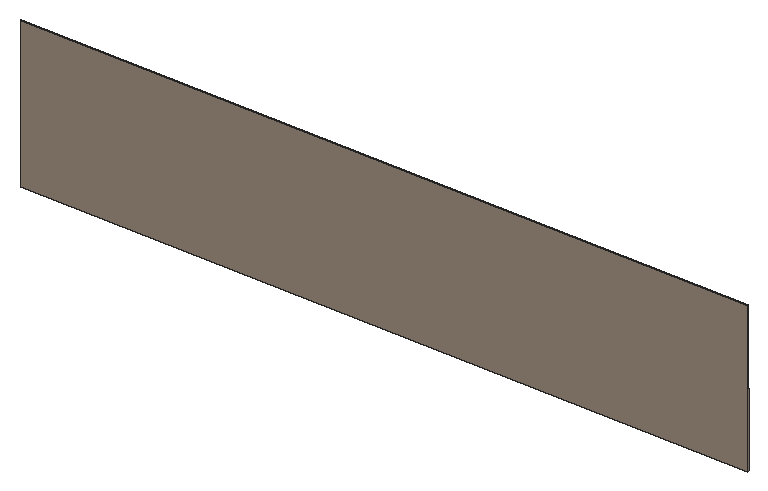
Revit family "Haworth_BuzziSkin_Printed", category Furniture, Revit 2018
Family settings
  OmniClass Number = 23.40.70.14.64.21
  OmniClass Title = Systems Furniture
  Work Plane-Based = No
  Always vertical = Yes
  Cut with Voids When Loaded = No
  Shared = No
  Room Calculation Point = No
Parameters (values of type "HCBZ-SNAD")
  Warranty = "http://www.haworth.com/resources/product-info/warranties"
  URL - Product = "https://www.haworth.com/products/accessories/accessories-decor/buzziskin-printed"
  URL = "http://www.haworth.com/our-brands/haworth-collection"
  Surface Finish [instance] = Haworth _ Polymer _Marble Emperador AB-123
  Size = "Verify Final Dim. w/ Haworth"  # constant formula
  Revision Number = "1"  # constant formula
  Model = "HCBZ-SNAD"  # constant formula
  Manufacturer = "Haworth"  # constant formula
  Description = "Haworth BuzziSkin Printed"  # constant formula
  Author = "Haworth (Abd Rahman)"  # constant formula
  Assembly Code = "E2020200"
  Actual Width = 189"  # constant formula
  Actual Height = 38.57813"  # constant formula
  Actual Depth = 0.23828"  # constant formula
Reference planes (in)
  plane 1 "Center F/B": y = 1.75
  plane 2: z = 0
  plane 3 "Back": y = 1.86914
  plane 4 "Front": y = 1.63086
  plane 5 "Top": z = 38.57813
  plane 6 "Right": x = 130.14983
  plane 7 "Left": x = -58.85017
  plane 8: x = 35.64983
  plane 9: z = 0
  plane 10: z = 19.28906
Forms (in)
  Extrusion 1, solid, material "Haworth _ Polymer _Marble Emperador AB-123" <- "Surface Finish"
    sketch origin (0, 1.75, 0) x (1, 0, 0) y (0, 0, 1)
      loop
        line (-58.85017, 38.57813) -> (-58.85017, 0) -> (130.14983, 0) -> (130.14983, 38.57813) -> (-58.85017, 38.57813)
    from -0.11914 to 0.11914
Lines and regions (in)
  Masking region 1
    outline origin (0, 0, 0) x (1, 0, 0) y (0, 1, 0)
      loop
        line (-58.85017, 1.86914) -> (-58.85017, 1.63086) -> (130.14983, 1.63086) -> (130.14983, 1.86914) -> (-58.85017, 1.86914)
Dimensions and locks (in)
  "Actual Width": plane 7 "Left" to plane 6 "Right"
  "Actual Height": plane 5 "Top" to level
  equal spacing: plane 7 "Left", plane 8, plane 6 "Right"
  equal spacing: plane 3 "Back", plane 1 "Center F/B", plane 4 "Front"
  "Actual Depth": plane 3 "Back" to plane 4 "Front"
  equal spacing: plane 5 "Top", plane 10, plane 9
  aligned and locked: Extrusion 1 sketch curve to plane 6 "Right"
  aligned and locked: Extrusion 1 sketch curve to plane 5 "Top"
  aligned and locked: Extrusion 1 sketch curve to plane 7 "Left"
  aligned and locked: level to Extrusion 1 sketch curve
  aligned and locked: plane 4 "Front" to Extrusion 1
  aligned and locked: plane 3 "Back" to Extrusion 1
  aligned and locked: Extrusion 1 to plane 4 "Front"
  aligned and locked: plane 5 "Top" to Extrusion 1
Automatic sketch dimensions
  plane 4 "Front" to Masking region 1 sketch curve = 0"
  Masking region 1 sketch curve to plane 7 "Left" = 0"
  Masking region 1 sketch curve to plane 3 "Back" = 0"
  Masking region 1 sketch curve to plane 6 "Right" = 0"
